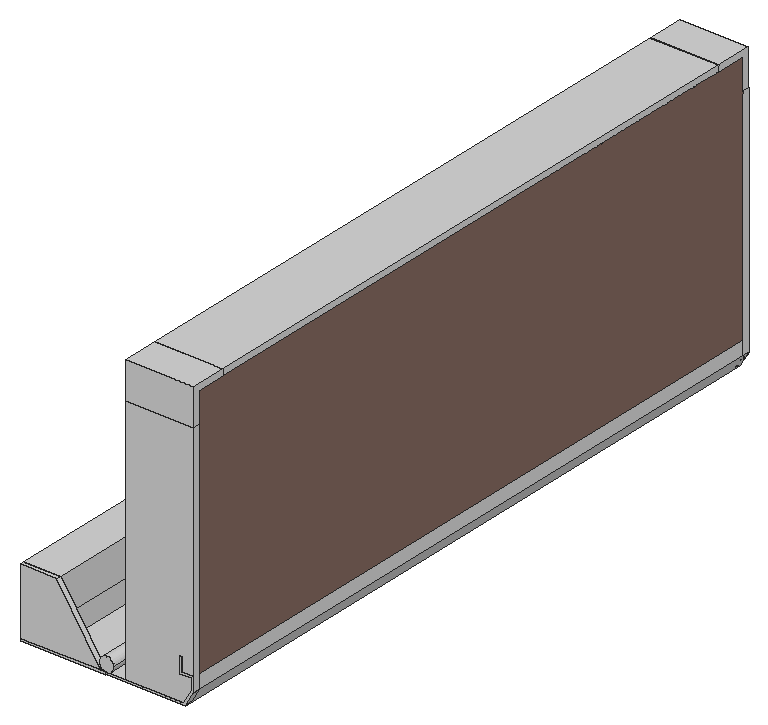
Revit family "MF_UNIVERSAL HINGED CORNER 4'_1904566", category Generic Models, Revit 2018
Family settings
  Can host rebar = No
  Round Connector Dimension = Use Diameter
  Part Type = Normal
  OmniClass Number = 35.51.14.00
  OmniClass Title = FORMWORK
  Work Plane-Based = Yes
  Always vertical = No
  Cut with Voids When Loaded = No
  Shared = Yes
  Room Calculation Point = No
Parameters
  VERSION = "20190101"  # constant formula
  URL = "www.ulmaconstruction.com/en"
  UNICLASS = ""
  ITEM_CODE = "1904566"
  Manufacturer = "ULMA CONSTRUCTION"  # constant formula
  FILTER [instance] = ""
  Default Elevation = 0.000 mm
  CLASSIFICATION_TITLE = ""
  CLASSIFICATION_NUMBER = ""
Reference planes
  plane 1 "Centro (Frontal/Posterior)": y = 0
  plane 2: z = 0
  plane 3 "Centro (Izquierda/Derecha)": x = 0
  plane 4: z = 508
  plane 5 "ITEM_HEIGHT": y = 1219.2
Forms (mm)
  Extrusion 1, solid, material "ULMA ZINC", detail levels fine
    sketch origin (0, 0, 0) x (1, 0, 0) y (0, 0, 1)
      loop
        circle (-152.4, 16.5) r 12.5
    from 0 to -1219.2
  Extrusion 2, solid, material "ULMA ZINC", detail levels fine
    sketch origin (0, 0, 0) x (1, 0, 0) y (0, 0, 1)
      loop
        line (-304.8, 4) -> (-304.8, 0) -> (-153.6, 0) -> (-153.6, 4) -> (-304.8, 4)
    from 0 to -1219.2
  Extrusion 3, solid, material "ULMA ZINC", detail levels fine
    sketch origin (0, 0, 0) x (1, 0, 0) y (0, 0, 1)
      loop
        line (-304.8, 4) -> (-162.8, 4) -> (-239.8, 121) -> (-304.8, 121) -> (-304.8, 4)
    from 0 to -8
  Extrusion 4, solid, material "ULMA ZINC", detail levels fine
    sketch origin (0, 3140, 0) x (1, 0, 0) y (0, 0, 1)
      loop
        line (-304.8, 4) -> (-162.8, 4) -> (-239.8, 121) -> (-304.8, 121) -> (-304.8, 4)
    from 1928.8 to 1920.8
  Extrusion 5, solid, material "ULMA ZINC", detail levels fine
    sketch origin (0, 0, 0) x (1, 0, 0) y (0, 0, 1)
      loop
        line (-304.8, 121) -> (-304.8, 4) -> (-252.3, 4) -> (-252.3, 50.694) -> (-239.8, 56) -> (-239.8, 121) -> (-304.8, 121)
    from -1211.2 to -8
  Extrusion 6, solid, material "ULMA ZINC", detail levels fine
    sketch origin (0, 0, 0) x (1, 0, 0) y (0, 0, 1)
      loop
        line (-239.8, 121) -> (-239.8, 4) -> (-164.8, 4) -> (-239.8, 121)
    from -611.6 to -607.6
  Extrusion 7, solid, material "ULMA ZINC", detail levels fine
    sketch origin (0, 0, 0) x (1, 0, 0) y (0, 0, 1)
      loop
        line (-239.8, 121) -> (-239.8, 4) -> (-177.8, 4) -> (-239.8, 121)
    from -334.8 to -274.8
  Extrusion 8, solid, material "ULMA ZINC", detail levels fine
    sketch origin (0, 550, 0) x (1, 0, 0) y (0, 0, 1)
      loop
        line (-239.8, 121) -> (-239.8, 4) -> (-177.8, 4) -> (-239.8, 121)
    from -394.4 to -334.4
  Extrusion 9, solid, material "ULMA ZINC", detail levels fine
    sketch origin (0, 0, 0) x (0, 1, 0) y (0, 0, 1)
      loop
        circle (381, 77.2) r 19
      loop
        circle (838.2, 77.2) r 19
    from -239.8 to -231.8
  Extrusion 10, solid, material "ULMA ZINC", detail levels fine
    sketch origin (0, 0, 0) x (1, 0, 0) y (0, 0, 1)
      loop
        line (-20.001, 496.8) -> (0, 496.8) -> (0, 508) -> (-120, 508) -> (-120, 443) -> (-58.973, 443)
        arc (-58.973, 443) -> (-55.66, 443.998) -> (-53.448, 446.658) r 6.001
        line (-53.448, 446.658) -> (-50.344, 453.975)
        arc (-50.344, 453.975) -> (-49.421, 455.085) -> (-48.039, 455.501) r 2.504
        line (-48.039, 455.501) -> (-32.501, 455.501)
        arc (-32.501, 455.501) -> (-30.733, 454.769) -> (-30.001, 453.001) r 2.5
        line (-30.001, 453.001) -> (-30.001, 446.501)
        arc (-30.001, 446.501) -> (-28.976, 444.026) -> (-26.501, 443.001) r 3.5
        line (-26.501, 443.001) -> (-20.001, 443) -> (-20.001, 496.8)
    from -1154.2 to -65
  Extrusion 11, solid, material "ULMA ZINC", detail levels fine
    sketch origin (0, 0, 0) x (0, 1, 0) y (0, 0, 1)
      loop
        line (0, 508) -> (0, 443) -> (65, 443) -> (65, 508) -> (0, 508)
    from 0 to -120
  Extrusion 12, solid, material "ULMA ZINC", detail levels fine
    sketch origin (0, -1828.8, 0) x (0, 1, 0) y (0, 0, 1)
      loop
        line (3048, 508.001) -> (2983, 508.001) -> (2983, 443.001) -> (3048, 443.001) -> (3048, 508.001)
    from -120 to 0
  Extrusion 13, solid, material "ULMA ZINC", detail levels fine
    sketch origin (0, 0, 0) x (1, 0, 0) y (0, 1, 0)
      loop
        line (-20.001, 11.2) -> (-20.001, 65) -> (-26.501, 64.999)
        arc (-26.501, 64.999) -> (-28.976, 63.974) -> (-30.001, 61.499) r 3.5
        line (-30.001, 61.499) -> (-30.001, 54.999)
        arc (-30.001, 54.999) -> (-30.733, 53.231) -> (-32.501, 52.499) r 2.5
        line (-32.501, 52.499) -> (-48.039, 52.499)
        arc (-48.039, 52.499) -> (-49.421, 52.915) -> (-50.344, 54.025) r 2.504
        line (-50.344, 54.025) -> (-53.448, 61.342)
        arc (-53.448, 61.342) -> (-55.66, 64.002) -> (-58.973, 65) r 6.001
        line (-58.973, 65) -> (-120, 65) -> (-120, 0) -> (0, 0) -> (0, 11.2) -> (-20.001, 11.2)
    from 4 to 443
  Extrusion 14, solid, material "ULMA ZINC", detail levels fine
    sketch origin (0, -1828.8, 0) x (1, 0, 0) y (0, 1, 0)
      loop
        line (-20.001, 3036.8) -> (0, 3036.8) -> (0, 3048) -> (-120, 3048) -> (-120, 2983) -> (-58.973, 2983)
        arc (-58.973, 2983) -> (-55.66, 2983.998) -> (-53.448, 2986.658) r 6.001
        line (-53.448, 2986.658) -> (-50.344, 2993.975)
        arc (-50.344, 2993.975) -> (-49.421, 2995.085) -> (-48.039, 2995.501) r 2.504
        line (-48.039, 2995.501) -> (-32.501, 2995.501)
        arc (-32.501, 2995.501) -> (-30.733, 2994.769) -> (-30.001, 2993.001) r 2.5
        line (-30.001, 2993.001) -> (-30.001, 2986.501)
        arc (-30.001, 2986.501) -> (-28.976, 2984.026) -> (-26.501, 2983.001) r 3.5
        line (-26.501, 2983.001) -> (-20.001, 2983) -> (-20.001, 3036.8)
    from 4 to 443.001
  Extrusion 15, solid, material "ULMA ZINC", detail levels fine
    sketch origin (0, 0, 0) x (1, 0, 0) y (0, 0, 1)
      loop
        line (-24, 47.013) -> (-4, 47.013) -> (-4, 26.422) -> (-16.945, 4) -> (-151.2, 4) -> (-151.2, 0) -> (-14.636, 0) -> (0, 25.35) -> (0, 51.013) -> (-20.001, 51.013) -> (-20.001, 75.5) -> (-24, 75.5) -> (-24, 47.013)
    from 0 to -1219.2
  Extrusion 16, void
    sketch origin (0, 0, 0) x (1, 0, 0) y (0, 0, 1)
      loop
        line (0, 25.35) -> (-14.636, 0) -> (-14.636, -2) -> (2, -2) -> (2, 25.35) -> (0, 25.35)
    from -1230 to 5
  Extrusion 17, void
    sketch origin (0, 0, 0) x (0, 1, 0) y (0, 0, 1)
      loop
        line (11.2, 443) -> (65, 443) -> (65, 496.8) -> (11.2, 496.8) -> (11.2, 443)
    from 0 to -20.001
  Extrusion 18, void
    sketch origin (0, -1828.8, 0) x (0, 1, 0) y (0, 0, 1)
      loop
        line (2983, 496.801) -> (2983, 443.001) -> (3036.8, 443.001) -> (3036.8, 496.801) -> (2983, 496.801)
    from 0 to -20.001
  Extrusion 19, solid, material "ULMA ZINC", detail levels fine
    sketch origin (0, -2135, 0) x (1, 0, 0) y (0, 1, 0)
      loop
        line (-20.001, 2714.6) -> (-20.001, 2774.6) -> (-120, 2774.6) -> (-120, 2714.6) -> (-20.001, 2714.6)
    from 4 to 443
  Extrusion 20, solid, material "ULMA ZINC", detail levels fine
    sketch origin (0, 0, 0) x (1, 0, 0) y (0, 1, 0)
      loop
        line (-20.001, 351) -> (-20.001, 411) -> (-119.999, 411) -> (-119.999, 406) -> (-25, 406) -> (-25, 356) -> (-119.999, 356) -> (-119.999, 351) -> (-20.001, 351)
    from 4 to 443
  Extrusion 21, solid, material "ULMA ZINC", detail levels fine
    sketch origin (0, 457.2, 0) x (1, 0, 0) y (0, 1, 0)
      loop
        line (-20.001, 351) -> (-20.001, 411) -> (-119.999, 411) -> (-119.999, 406) -> (-25, 406) -> (-25, 356) -> (-119.999, 356) -> (-119.999, 351) -> (-20.001, 351)
    from 4 to 443
  Extrusion 22, solid, material "ULMA PLYWOOD", detail levels fine
    sketch origin (0, 0, 0) x (1, 0, 0) y (0, 0, 1)
      loop
        line (-20.001, 496.801) -> (-20.001, 51.013) -> (0, 51.013) -> (0, 496.801) -> (-20.001, 496.801)
    from -1208 to -11.2
  Extrusion 23, solid, material "ULMA ZINC", detail levels fine
    sketch origin (0, 0, 0) x (1, 0, 0) y (0, 1, 0)
      loop
        circle (-77.199, 381) r 19
      loop
        circle (-77.199, 838.2) r 19
    from 435 to 443
  Extrusion 24, solid, material "ULMA ZINC", detail levels fine
    sketch origin (0, 0, 0) x (1, 0, 0) y (0, 0, 1)
      loop
        circle (-77.199, 254) r 19
    from -72.999 to -65
  Extrusion 25, solid, material "ULMA ZINC", detail levels fine
    sketch origin (0, -129.6, 0) x (1, 0, 0) y (0, 0, 1)
      loop
        circle (-77.199, 254) r 19
    from -1275.8 to -1283.8
  Extrusion 26, solid, material "ULMA ZINC", detail levels coarse+medium
    sketch origin (0, 0, 0) x (1, 0, 0) y (0, 0, 1)
      loop
        line (-304.8, 121) -> (-304.8, 0) -> (-14.636, 0) -> (0, 25.35) -> (0, 508) -> (-120, 508) -> (-120, 4) -> (-162.8, 4) -> (-239.8, 121) -> (-304.8, 121)
    from -1219.2 to 0
Cuts and joins
  Extrusion 16 cuts Extrusion 13
  Extrusion 16 cuts Extrusion 14
  Extrusion 17 cuts Extrusion 11
  Extrusion 18 cuts Extrusion 12
Lines and regions (mm)
  model lines, style "ULMA PANELS", detail levels fine
    curve 1: circle (-231.8, 381, 77.2) r 11 normal (1, 0, 0)
    curve 2: circle (-231.8, 838.2, 77.2) r 11 normal (1, 0, 0)
    curve 3: circle (-304.8, 381, 77.2) r 11 normal (1, 0, 0)
    curve 4: circle (-304.8, 838.2, 77.2) r 11 normal (1, 0, 0)
    curve 5: circle (-272.3, 545, 121) r 21 normal (0, 0, 1)
    curve 6: line (-293.3, 556.5, 121) -> (-293.3, 533.5, 121)
    curve 7: arc (-293.3, 533.5, 121) -> (-287.149, 518.651, 121) -> (-272.3, 512.5, 121) r 21
    curve 8: arc (-272.3, 512.5, 121) -> (-257.451, 518.651, 121) -> (-251.3, 533.5, 121) r 21
    curve 9: line (-251.3, 533.5, 121) -> (-251.3, 556.5, 121)
    curve 10: arc (-251.3, 556.5, 121) -> (-257.451, 571.349, 121) -> (-272.3, 577.5, 121) r 21
    curve 11: arc (-272.3, 577.5, 121) -> (-287.149, 571.349, 121) -> (-293.3, 556.5, 121) r 21
    curve 12: circle (-272.3, 674.2, 121) r 21 normal (0, 0, 1)
    curve 13: line (-293.3, 685.7, 121) -> (-293.3, 662.7, 121)
    curve 14: arc (-293.3, 662.7, 121) -> (-287.149, 647.851, 121) -> (-272.3, 641.7, 121) r 21
    curve 15: arc (-272.3, 641.7, 121) -> (-257.451, 647.851, 121) -> (-251.3, 662.7, 121) r 21
    curve 16: line (-251.3, 662.7, 121) -> (-251.3, 685.7, 121)
    curve 17: arc (-251.3, 685.7, 121) -> (-257.451, 700.549, 121) -> (-272.3, 706.7, 121) r 21
    curve 18: arc (-272.3, 706.7, 121) -> (-287.149, 700.549, 121) -> (-293.3, 685.7, 121) r 21
    curve 19: circle (-272.3, 545, 0) r 21 normal (0, 0, 1)
    curve 20: circle (-272.3, 674.2, 0) r 21 normal (0, 0, 1)
    curve 21: circle (0, 381, 381) r 10.5 normal (1, 0, 0)
    curve 22: circle (0, 381, 330.2) r 10.5 normal (1, 0, 0)
    curve 23: circle (0, 381, 279.4) r 10.5 normal (1, 0, 0)
    curve 24: circle (0, 381, 228.6) r 10.5 normal (1, 0, 0)
    curve 25: circle (0, 381, 177.8) r 10.5 normal (1, 0, 0)
    curve 26: circle (0, 381, 127) r 10.5 normal (1, 0, 0)
    curve 27: circle (-25, 381, 381) r 10.5 normal (1, 0, 0)
    curve 28: circle (-25, 381, 330.2) r 10.5 normal (1, 0, 0)
    curve 29: circle (-25, 381, 279.4) r 10.5 normal (1, 0, 0)
    curve 30: circle (-25, 381, 228.6) r 10.5 normal (1, 0, 0)
    curve 31: circle (-25, 381, 177.8) r 10.5 normal (1, 0, 0)
    curve 32: circle (-25, 381, 127) r 10.5 normal (1, 0, 0)
    curve 33: circle (0, 838.2, 381) r 10.5 normal (1, 0, 0)
    curve 34: circle (0, 838.2, 330.2) r 10.5 normal (1, 0, 0)
    curve 35: circle (0, 838.2, 279.4) r 10.5 normal (1, 0, 0)
    curve 36: circle (0, 838.2, 228.6) r 10.5 normal (1, 0, 0)
    curve 37: circle (0, 838.2, 177.8) r 10.5 normal (1, 0, 0)
    curve 38: circle (0, 838.2, 127) r 10.5 normal (1, 0, 0)
    curve 39: circle (-25, 838.2, 381) r 10.5 normal (1, 0, 0)
    curve 40: circle (-25, 838.2, 330.2) r 10.5 normal (1, 0, 0)
    curve 41: circle (-25, 838.2, 279.4) r 10.5 normal (1, 0, 0)
    curve 42: circle (-25, 838.2, 228.6) r 10.5 normal (1, 0, 0)
    curve 43: circle (-25, 838.2, 177.8) r 10.5 normal (1, 0, 0)
    curve 44: circle (-25, 838.2, 127) r 10.5 normal (1, 0, 0)
    curve 45: circle (-120, 545, 475.5) r 21 normal (1, 0, 0)
    curve 46: line (-120, 556.5, 496.5) -> (-120, 533.5, 496.5)
    curve 47: arc (-120, 533.5, 496.5) -> (-120, 512.5, 475.5) -> (-120, 533.5, 454.5) r 21
    curve 48: line (-120, 533.5, 454.5) -> (-120, 556.5, 454.5)
    curve 49: arc (-120, 556.5, 454.5) -> (-120, 577.5, 475.5) -> (-120, 556.5, 496.5) r 21
    curve 50: circle (-120, 674.2, 475.5) r 21 normal (1, 0, 0)
    curve 51: line (-120, 685.7, 496.5) -> (-120, 662.7, 496.5)
    curve 52: arc (-120, 662.7, 496.5) -> (-120, 641.7, 475.5) -> (-120, 662.7, 454.5) r 21
    curve 53: line (-120, 662.7, 454.5) -> (-120, 685.7, 454.5)
    curve 54: arc (-120, 685.7, 454.5) -> (-120, 706.7, 475.5) -> (-120, 685.7, 496.5) r 21
    curve 55: circle (0, 545, 475.5) r 21 normal (1, 0, 0)
    curve 56: circle (0, 674.2, 475.5) r 21 normal (1, 0, 0)
    curve 57: circle (-77.199, 838.2, 435) r 11 normal (0, 0, 1)
    curve 58: circle (-77.199, 381, 435) r 11 normal (0, 0, 1)
    curve 59: circle (-77.199, 838.2, 508) r 11 normal (0, 0, 1)
    curve 60: circle (-77.199, 381, 508) r 11 normal (0, 0, 1)
    curve 61: circle (-77.199, 0, 254) r 11 normal (0, -1, 0)
    curve 62: circle (-77.199, 72.999, 254) r 11 normal (0, -1, 0)
    curve 63: circle (-77.199, 1219.2, 254) r 11 normal (0, -1, 0)
    curve 64: circle (-77.199, 1146.2, 254) r 11 normal (0, -1, 0)
    curve 65: circle (-80, 579.6, 356.101) r 10.25 normal (0, -1, 0)
    curve 66: circle (-80, 639.6, 356.101) r 10.25 normal (0, -1, 0)
    curve 67: circle (0, 40.5, 467.5) r 21 normal (1, 0, 0)
    curve 68: circle (0, 1178.7, 467.5) r 21 normal (1, 0, 0)
    curve 69: circle (-120, 40.5, 467.5) r 21 normal (1, 0, 0)
    curve 70: circle (-120, 1178.7, 467.5) r 21 normal (1, 0, 0)
    curve 71: circle (-272.3, 40.5, 0) r 21 normal (0, 0, 1)
    curve 72: circle (-272.3, 1178.7, 0) r 21 normal (0, 0, 1)
    curve 73: circle (-272.3, 40.5, 121) r 21 normal (0, 0, 1)
    curve 74: circle (-272.3, 1178.7, 121) r 21 normal (0, 0, 1)
Dimensions and locks
  aligned and locked: level to plane 2
  aligned and locked: Extrusion 10 to Extrusion 11
  aligned and locked: Extrusion 10 to Extrusion 12
  aligned and locked: Extrusion 14 to Extrusion 12
  aligned and locked: Extrusion 19 to Extrusion 10
  aligned and locked: cut or joined group of Extrusion 13, Extrusion 16 to Extrusion 15
  aligned and locked: Extrusion 19 to Extrusion 15
  aligned and locked: Extrusion 20 to Extrusion 2
  aligned and locked: Extrusion 20 to Extrusion 10
  aligned and locked: Extrusion 21 to Extrusion 10
  aligned and locked: Extrusion 21 to Extrusion 2
  aligned and locked: Extrusion 22 to cut or joined group of Extrusion 13, Extrusion 16
  aligned and locked: Extrusion 22 to cut or joined group of Extrusion 14, Extrusion 16
  aligned and locked: plane 1 "Centro (Frontal/Posterior)" to Extrusion 26
